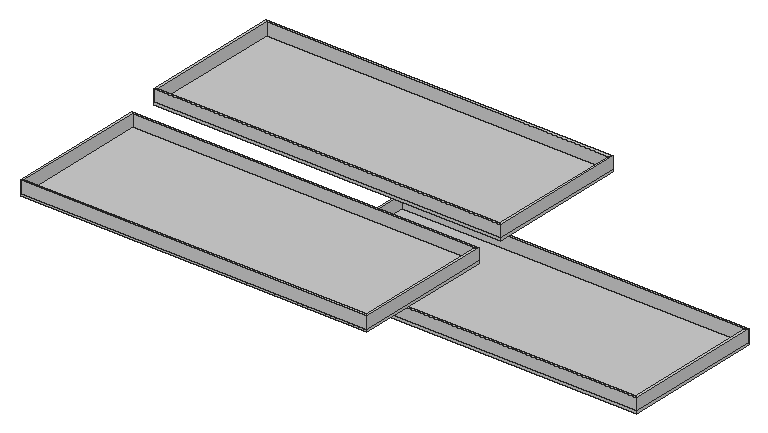
Revit family "CLD-FRM-001", category Modelos genéricos, Revit 2022
Family settings
  Puede alojar armadura = No
  Cota de conector redondo = Diámetro de uso
  Tipo de pieza = Normal
  Se basa en plano de trabajo = No
  Siempre vertical = Sí
  Corte con vacíos al cargar = No
  Mantener orientación de anotación = No
  Compartido = No
  Punto de cálculo de habitación = No
Parameters
  Elevación por defecto = 0.00"
Reference planes (in)
  plane 1 "Centro (Frontal/Posterior)": y = 0
  plane 2: z = 0
  plane 3 "Centro (Izquierda/Derecha)": x = 0
Forms (in)
  Extrusion 1, solid, not visible
    sketch origin (0, 0, 0) x (1, 0, 0) y (0, 1, 0)
      loop
        line (0, 2.25) -> (0, 0) -> (108, 0) -> (108, 2.25) -> (0, 2.25)
    from 0 to 8
  Extrusion 2, solid, not visible
    sketch origin (0, 0, 0) x (1, 0, 0) y (0, 1, 0)
      loop
        line (0, 2.25) -> (0, 0) -> (108, 0) -> (108, 2.25) -> (0, 2.25)
    from 0 to 8
  Extrusion 3, solid, not visible
    sketch origin (0, 8, 0) x (1, 0, 0) y (0, 1, 0)
      loop
        line (0, 2.25) -> (0, 0) -> (108, 0) -> (108, 2.25) -> (0, 2.25)
    from 0 to 8
  Extrusion 4, solid, not visible
    sketch origin (0, 16, 0) x (1, 0, 0) y (0, 1, 0)
      loop
        line (0, 2.25) -> (0, 0) -> (108, 0) -> (108, 2.25) -> (0, 2.25)
    from 0 to 8
  Extrusion 5, solid, not visible
    sketch origin (0, 24, 0) x (1, 0, 0) y (0, 1, 0)
      loop
        line (0, 2.25) -> (0, 0) -> (108, 0) -> (108, 2.25) -> (0, 2.25)
    from 0 to 8
  Extrusion 6, solid, not visible
    sketch origin (0, 32, 0) x (1, 0, 0) y (0, 1, 0)
      loop
        line (0, 2.25) -> (0, 0) -> (108, 0) -> (108, 2.25) -> (0, 2.25)
    from 0 to 8
  Extrusion 7, solid, not visible
    sketch origin (0, 40, 0) x (1, 0, 0) y (0, 1, 0)
      loop
        line (0, 2.25) -> (0, 0) -> (108, 0) -> (108, 2.25) -> (0, 2.25)
    from 0 to 8
  Extrusion 8, solid, not visible
    sketch origin (0, 48, 0) x (1, 0, 0) y (0, 1, 0)
      loop
        line (0, 2.25) -> (0, 0) -> (108, 0) -> (108, 2.25) -> (0, 2.25)
    from 0 to 8
  Extrusion 9, solid, not visible
    sketch origin (0, 56, 0) x (1, 0, 0) y (0, 1, 0)
      loop
        line (0, 2.25) -> (0, 0) -> (108, 0) -> (108, 2.25) -> (0, 2.25)
    from 0 to 8
  Extrusion 10, solid, not visible
    sketch origin (0, 64, 0) x (1, 0, 0) y (0, 1, 0)
      loop
        line (0, 2.25) -> (0, 0) -> (108, 0) -> (108, 2.25) -> (0, 2.25)
    from 0 to 8
  Extrusion 11, solid, not visible
    sketch origin (0, 72, 0) x (1, 0, 0) y (0, 1, 0)
      loop
        line (0, 2.25) -> (0, 0) -> (108, 0) -> (108, 2.25) -> (0, 2.25)
    from 0 to 8
  Extrusion 12, solid, not visible
    sketch origin (0, 80, 0) x (1, 0, 0) y (0, 1, 0)
      loop
        line (0, 2.25) -> (0, 0) -> (108, 0) -> (108, 2.25) -> (0, 2.25)
    from 0 to 8
  Extrusion 13, solid, not visible
    sketch origin (0, 88, 0) x (1, 0, 0) y (0, 1, 0)
      loop
        line (0, 2.25) -> (0, 0) -> (108, 0) -> (108, 2.25) -> (0, 2.25)
    from 0 to 8
  Extrusion 14, solid, not visible
    sketch origin (0, 96, 0) x (1, 0, 0) y (0, 1, 0)
      loop
        line (0, 2.25) -> (0, 0) -> (108, 0) -> (108, 2.25) -> (0, 2.25)
    from 0 to 8
  Extrusion 15, solid, not visible
    sketch origin (0, 104, 0) x (1, 0, 0) y (0, 1, 0)
      loop
        line (0, 2.25) -> (0, 0) -> (108, 0) -> (108, 2.25) -> (0, 2.25)
    from 0 to 8
  Extrusion 16, solid, not visible
    sketch origin (0, 112, 0) x (1, 0, 0) y (0, 1, 0)
      loop
        line (0, 2.25) -> (0, 0) -> (108, 0) -> (108, 2.25) -> (0, 2.25)
    from 0 to 8
  Extrusion 17, solid, not visible
    sketch origin (0, 120, 0) x (1, 0, 0) y (0, 1, 0)
      loop
        line (0, 2.25) -> (0, 0) -> (108, 0) -> (108, 2.25) -> (0, 2.25)
    from 0 to 8
  Extrusion 18, solid, not visible
    sketch origin (0, 128, 0) x (1, 0, 0) y (0, 1, 0)
      loop
        line (0, 2.25) -> (0, 0) -> (108, 0) -> (108, 2.25) -> (0, 2.25)
    from 0 to 8
  Extrusion 19, solid, not visible
    sketch origin (0, 136, 0) x (1, 0, 0) y (0, 1, 0)
      loop
        line (0, 2.25) -> (0, 0) -> (108, 0) -> (108, 2.25) -> (0, 2.25)
    from 0 to 8
  Extrusion 20, solid, not visible
    sketch origin (0, 144, 0) x (1, 0, 0) y (0, 1, 0)
      loop
        line (0, 2.25) -> (0, 0) -> (108, 0) -> (108, 2.25) -> (0, 2.25)
    from 0 to 8
  Extrusion 21, solid, not visible
    sketch origin (0, 152, 0) x (1, 0, 0) y (0, 1, 0)
      loop
        line (0, 2.25) -> (0, 0) -> (108, 0) -> (108, 2.25) -> (0, 2.25)
    from 0 to 8
  Extrusion 22, solid, not visible
    sketch origin (109, 0, 0) x (1, 0, 0) y (0, 1, 0)
      loop
        line (0, 2.25) -> (0, 0) -> (108, 0) -> (108, 2.25) -> (0, 2.25)
    from 0 to 8
  Extrusion 23, solid, not visible
    sketch origin (109, 8, 0) x (1, 0, 0) y (0, 1, 0)
      loop
        line (0, 2.25) -> (0, 0) -> (108, 0) -> (108, 2.25) -> (0, 2.25)
    from 0 to 8
  Extrusion 24, solid, not visible
    sketch origin (109, 16, 0) x (1, 0, 0) y (0, 1, 0)
      loop
        line (0, 2.25) -> (0, 0) -> (108, 0) -> (108, 2.25) -> (0, 2.25)
    from 0 to 8
  Extrusion 25, solid, not visible
    sketch origin (109, 24, 0) x (1, 0, 0) y (0, 1, 0)
      loop
        line (0, 2.25) -> (0, 0) -> (108, 0) -> (108, 2.25) -> (0, 2.25)
    from 0 to 8
  Extrusion 26, solid, not visible
    sketch origin (109, 32, 0) x (1, 0, 0) y (0, 1, 0)
      loop
        line (0, 2.25) -> (0, 0) -> (108, 0) -> (108, 2.25) -> (0, 2.25)
    from 0 to 8
  Extrusion 27, solid, not visible
    sketch origin (109, 40, 0) x (1, 0, 0) y (0, 1, 0)
      loop
        line (0, 2.25) -> (0, 0) -> (108, 0) -> (108, 2.25) -> (0, 2.25)
    from 0 to 8
  Extrusion 28, solid, not visible
    sketch origin (109, 48, 0) x (1, 0, 0) y (0, 1, 0)
      loop
        line (0, 2.25) -> (0, 0) -> (108, 0) -> (108, 2.25) -> (0, 2.25)
    from 0 to 8
  Extrusion 29, solid, not visible
    sketch origin (109, 56, 0) x (1, 0, 0) y (0, 1, 0)
      loop
        line (0, 2.25) -> (0, 0) -> (108, 0) -> (108, 2.25) -> (0, 2.25)
    from 0 to 8
  Extrusion 30, solid, not visible
    sketch origin (109, 64, 0) x (1, 0, 0) y (0, 1, 0)
      loop
        line (0, 2.25) -> (0, 0) -> (108, 0) -> (108, 2.25) -> (0, 2.25)
    from 0 to 8
  Extrusion 31, solid, not visible
    sketch origin (109, 72, 0) x (1, 0, 0) y (0, 1, 0)
      loop
        line (0, 2.25) -> (0, 0) -> (108, 0) -> (108, 2.25) -> (0, 2.25)
    from 0 to 8
  Extrusion 32, solid, not visible
    sketch origin (109, 80, 0) x (1, 0, 0) y (0, 1, 0)
      loop
        line (0, 2.25) -> (0, 0) -> (108, 0) -> (108, 2.25) -> (0, 2.25)
    from 0 to 8
  Extrusion 33, solid, not visible
    sketch origin (109, 88, 0) x (1, 0, 0) y (0, 1, 0)
      loop
        line (0, 2.25) -> (0, 0) -> (108, 0) -> (108, 2.25) -> (0, 2.25)
    from 0 to 8
  Extrusion 34, solid, not visible
    sketch origin (109, 96, 0) x (1, 0, 0) y (0, 1, 0)
      loop
        line (0, 2.25) -> (0, 0) -> (108, 0) -> (108, 2.25) -> (0, 2.25)
    from 0 to 8
  Extrusion 35, solid, not visible
    sketch origin (109, 104, 0) x (1, 0, 0) y (0, 1, 0)
      loop
        line (0, 2.25) -> (0, 0) -> (108, 0) -> (108, 2.25) -> (0, 2.25)
    from 0 to 8
  Extrusion 36, solid, not visible
    sketch origin (109, 112, 0) x (1, 0, 0) y (0, 1, 0)
      loop
        line (0, 2.25) -> (0, 0) -> (108, 0) -> (108, 2.25) -> (0, 2.25)
    from 0 to 8
  Extrusion 37, solid, not visible
    sketch origin (109, 120, 0) x (1, 0, 0) y (0, 1, 0)
      loop
        line (0, 2.25) -> (0, 0) -> (108, 0) -> (108, 2.25) -> (0, 2.25)
    from 0 to 8
  Extrusion 38, solid, not visible
    sketch origin (109, 128, 0) x (1, 0, 0) y (0, 1, 0)
      loop
        line (0, 2.25) -> (0, 0) -> (108, 0) -> (108, 2.25) -> (0, 2.25)
    from 0 to 8
  Extrusion 39, solid, not visible
    sketch origin (109, 136, 0) x (1, 0, 0) y (0, 1, 0)
      loop
        line (0, 2.25) -> (0, 0) -> (108, 0) -> (108, 2.25) -> (0, 2.25)
    from 0 to 8
  Extrusion 40, solid, not visible
    sketch origin (109, 144, 0) x (1, 0, 0) y (0, 1, 0)
      loop
        line (0, 2.25) -> (0, 0) -> (108, 0) -> (108, 2.25) -> (0, 2.25)
    from 0 to 8
  Extrusion 41, solid, not visible
    sketch origin (109, 152, 0) x (1, 0, 0) y (0, 1, 0)
      loop
        line (0, 2.25) -> (0, 0) -> (108, 0) -> (108, 2.25) -> (0, 2.25)
    from 0 to 8
  Extrusion 42, solid, not visible
    sketch origin (-108, 0, 0) x (1, 0, 0) y (0, 1, 0)
      loop
        line (0, 2.25) -> (0, 0) -> (108, 0) -> (108, 2.25) -> (0, 2.25)
    from 0 to 8
  Extrusion 43, solid, not visible
    sketch origin (-108, 8, 0) x (1, 0, 0) y (0, 1, 0)
      loop
        line (0, 2.25) -> (0, 0) -> (108, 0) -> (108, 2.25) -> (0, 2.25)
    from 0 to 8
  Extrusion 44, solid, not visible
    sketch origin (-108, 16, 0) x (1, 0, 0) y (0, 1, 0)
      loop
        line (0, 2.25) -> (0, 0) -> (108, 0) -> (108, 2.25) -> (0, 2.25)
    from 0 to 8
  Extrusion 45, solid, not visible
    sketch origin (-108, 24, 0) x (1, 0, 0) y (0, 1, 0)
      loop
        line (0, 2.25) -> (0, 0) -> (108, 0) -> (108, 2.25) -> (0, 2.25)
    from 0 to 8
  Extrusion 46, solid, not visible
    sketch origin (-108, 32, 0) x (1, 0, 0) y (0, 1, 0)
      loop
        line (0, 2.25) -> (0, 0) -> (108, 0) -> (108, 2.25) -> (0, 2.25)
    from 0 to 8
  Extrusion 47, solid, not visible
    sketch origin (-108, 40, 0) x (1, 0, 0) y (0, 1, 0)
      loop
        line (0, 2.25) -> (0, 0) -> (108, 0) -> (108, 2.25) -> (0, 2.25)
    from 0 to 8
  Extrusion 48, solid, not visible
    sketch origin (1, 0, 0) x (1, 0, 0) y (0, 1, 0)
      loop
        line (0, 2.25) -> (0, 0) -> (108, 0) -> (108, 2.25) -> (0, 2.25)
    from 0 to 8
  Extrusion 49, solid, not visible
    sketch origin (1, 8, 0) x (1, 0, 0) y (0, 1, 0)
      loop
        line (0, 2.25) -> (0, 0) -> (108, 0) -> (108, 2.25) -> (0, 2.25)
    from 0 to 8
  Extrusion 50, solid, not visible
    sketch origin (1, 16, 0) x (1, 0, 0) y (0, 1, 0)
      loop
        line (0, 2.25) -> (0, 0) -> (108, 0) -> (108, 2.25) -> (0, 2.25)
    from 0 to 8
  Extrusion 51, solid, not visible
    sketch origin (1, 24, 0) x (1, 0, 0) y (0, 1, 0)
      loop
        line (0, 2.25) -> (0, 0) -> (108, 0) -> (108, 2.25) -> (0, 2.25)
    from 0 to 8
  Extrusion 52, solid, not visible
    sketch origin (1, 32, 0) x (1, 0, 0) y (0, 1, 0)
      loop
        line (0, 2.25) -> (0, 0) -> (108, 0) -> (108, 2.25) -> (0, 2.25)
    from 0 to 8
  Extrusion 53, solid, not visible
    sketch origin (1, 40, 0) x (1, 0, 0) y (0, 1, 0)
      loop
        line (0, 2.25) -> (0, 0) -> (108, 0) -> (108, 2.25) -> (0, 2.25)
    from 0 to 8
  Extrusion 54, solid, not visible
    sketch origin (-108, 48, 0) x (1, 0, 0) y (0, 1, 0)
      loop
        line (0, 2.25) -> (0, 0) -> (108, 0) -> (108, 2.25) -> (0, 2.25)
    from 0 to 8
  Extrusion 55, solid, not visible
    sketch origin (-108, 56, 0) x (1, 0, 0) y (0, 1, 0)
      loop
        line (0, 2.25) -> (0, 0) -> (108, 0) -> (108, 2.25) -> (0, 2.25)
    from 0 to 8
  Extrusion 56, solid, not visible
    sketch origin (-108, 64, 0) x (1, 0, 0) y (0, 1, 0)
      loop
        line (0, 2.25) -> (0, 0) -> (108, 0) -> (108, 2.25) -> (0, 2.25)
    from 0 to 8
  Extrusion 57, solid, not visible
    sketch origin (-108, 72, 0) x (1, 0, 0) y (0, 1, 0)
      loop
        line (0, 2.25) -> (0, 0) -> (108, 0) -> (108, 2.25) -> (0, 2.25)
    from 0 to 8
  Extrusion 58, solid, not visible
    sketch origin (-108, 80, 0) x (1, 0, 0) y (0, 1, 0)
      loop
        line (0, 2.25) -> (0, 0) -> (108, 0) -> (108, 2.25) -> (0, 2.25)
    from 0 to 8
  Extrusion 59, solid, not visible
    sketch origin (1, 48, 0) x (1, 0, 0) y (0, 1, 0)
      loop
        line (0, 2.25) -> (0, 0) -> (108, 0) -> (108, 2.25) -> (0, 2.25)
    from 0 to 8
  Extrusion 60, solid, not visible
    sketch origin (1, 56, 0) x (1, 0, 0) y (0, 1, 0)
      loop
        line (0, 2.25) -> (0, 0) -> (108, 0) -> (108, 2.25) -> (0, 2.25)
    from 0 to 8
  Extrusion 61, solid, not visible
    sketch origin (1, 64, 0) x (1, 0, 0) y (0, 1, 0)
      loop
        line (0, 2.25) -> (0, 0) -> (108, 0) -> (108, 2.25) -> (0, 2.25)
    from 0 to 8
  Extrusion 62, solid, not visible
    sketch origin (1, 72, 0) x (1, 0, 0) y (0, 1, 0)
      loop
        line (0, 2.25) -> (0, 0) -> (108, 0) -> (108, 2.25) -> (0, 2.25)
    from 0 to 8
  Extrusion 63, solid, not visible
    sketch origin (1, 80, 0) x (1, 0, 0) y (0, 1, 0)
      loop
        line (0, 2.25) -> (0, 0) -> (108, 0) -> (108, 2.25) -> (0, 2.25)
    from 0 to 8
  Extrusion 64, solid, not visible
    sketch origin (-108, 88, 0) x (1, 0, 0) y (0, 1, 0)
      loop
        line (0, 2.25) -> (0, 0) -> (108, 0) -> (108, 2.25) -> (0, 2.25)
    from 0 to 8
  Extrusion 65, solid, not visible
    sketch origin (-108, 96, 0) x (1, 0, 0) y (0, 1, 0)
      loop
        line (0, 2.25) -> (0, 0) -> (108, 0) -> (108, 2.25) -> (0, 2.25)
    from 0 to 8
  Extrusion 66, solid, not visible
    sketch origin (-108, 104, 0) x (1, 0, 0) y (0, 1, 0)
      loop
        line (0, 2.25) -> (0, 0) -> (108, 0) -> (108, 2.25) -> (0, 2.25)
    from 0 to 8
  Extrusion 67, solid, not visible
    sketch origin (-108, 112, 0) x (1, 0, 0) y (0, 1, 0)
      loop
        line (0, 2.25) -> (0, 0) -> (108, 0) -> (108, 2.25) -> (0, 2.25)
    from 0 to 8
  Extrusion 68, solid, not visible
    sketch origin (-108, 120, 0) x (1, 0, 0) y (0, 1, 0)
      loop
        line (0, 2.25) -> (0, 0) -> (108, 0) -> (108, 2.25) -> (0, 2.25)
    from 0 to 8
  Extrusion 69, solid, not visible
    sketch origin (1, 88, 0) x (1, 0, 0) y (0, 1, 0)
      loop
        line (0, 2.25) -> (0, 0) -> (108, 0) -> (108, 2.25) -> (0, 2.25)
    from 0 to 8
  Extrusion 70, solid, not visible
    sketch origin (1, 96, 0) x (1, 0, 0) y (0, 1, 0)
      loop
        line (0, 2.25) -> (0, 0) -> (108, 0) -> (108, 2.25) -> (0, 2.25)
    from 0 to 8
  Extrusion 71, solid, not visible
    sketch origin (1, 104, 0) x (1, 0, 0) y (0, 1, 0)
      loop
        line (0, 2.25) -> (0, 0) -> (108, 0) -> (108, 2.25) -> (0, 2.25)
    from 0 to 8
  Extrusion 72, solid, not visible
    sketch origin (1, 112, 0) x (1, 0, 0) y (0, 1, 0)
      loop
        line (0, 2.25) -> (0, 0) -> (108, 0) -> (108, 2.25) -> (0, 2.25)
    from 0 to 8
  Extrusion 73, solid, not visible
    sketch origin (1, 120, 0) x (1, 0, 0) y (0, 1, 0)
      loop
        line (0, 2.25) -> (0, 0) -> (108, 0) -> (108, 2.25) -> (0, 2.25)
    from 0 to 8
  Extrusion 74, solid, not visible
    sketch origin (-108, 128, 0) x (1, 0, 0) y (0, 1, 0)
      loop
        line (0, 2.25) -> (0, 0) -> (108, 0) -> (108, 2.25) -> (0, 2.25)
    from 0 to 8
  Extrusion 75, solid, not visible
    sketch origin (-108, 136, 0) x (1, 0, 0) y (0, 1, 0)
      loop
        line (0, 2.25) -> (0, 0) -> (108, 0) -> (108, 2.25) -> (0, 2.25)
    from 0 to 8
  Extrusion 76, solid, not visible
    sketch origin (-108, 144, 0) x (1, 0, 0) y (0, 1, 0)
      loop
        line (0, 2.25) -> (0, 0) -> (108, 0) -> (108, 2.25) -> (0, 2.25)
    from 0 to 8
  Extrusion 77, solid, not visible
    sketch origin (-108, 152, 0) x (1, 0, 0) y (0, 1, 0)
      loop
        line (0, 2.25) -> (0, 0) -> (108, 0) -> (108, 2.25) -> (0, 2.25)
    from 0 to 8
  Extrusion 78, solid, not visible
    sketch origin (-108, 160, 0) x (1, 0, 0) y (0, 1, 0)
      loop
        line (0, 2.25) -> (0, 0) -> (108, 0) -> (108, 2.25) -> (0, 2.25)
    from 0 to 8
  Extrusion 79, solid, not visible
    sketch origin (1, 128, 0) x (1, 0, 0) y (0, 1, 0)
      loop
        line (0, 2.25) -> (0, 0) -> (108, 0) -> (108, 2.25) -> (0, 2.25)
    from 0 to 8
  Extrusion 80, solid, not visible
    sketch origin (1, 136, 0) x (1, 0, 0) y (0, 1, 0)
      loop
        line (0, 2.25) -> (0, 0) -> (108, 0) -> (108, 2.25) -> (0, 2.25)
    from 0 to 8
  Extrusion 81, solid, not visible
    sketch origin (1, 144, 0) x (1, 0, 0) y (0, 1, 0)
      loop
        line (0, 2.25) -> (0, 0) -> (108, 0) -> (108, 2.25) -> (0, 2.25)
    from 0 to 8
  Extrusion 82, solid, not visible
    sketch origin (1, 152, 0) x (1, 0, 0) y (0, 1, 0)
      loop
        line (0, 2.25) -> (0, 0) -> (108, 0) -> (108, 2.25) -> (0, 2.25)
    from 0 to 8
  Extrusion 83, solid, not visible
    sketch origin (1, 160, 0) x (1, 0, 0) y (0, 1, 0)
      loop
        line (0, 2.25) -> (0, 0) -> (108, 0) -> (108, 2.25) -> (0, 2.25)
    from 0 to 8
  Extrusion 84, solid, not visible
    sketch origin (0, 0, 0) x (1, 0, 0) y (0, 1, 0)
      loop
        line (0, 3) -> (0, 0) -> (108, 0) -> (108, 3) -> (0, 3)
    from 0 to 8
  Extrusion 85, void, not visible
    sketch origin (0, 0, 0) x (1, 0, 0) y (0, 1, 0)
      loop
        line (6, 2) -> (6, 1) -> (66, 1) -> (66, 2) -> (6, 2)
    from 0 to 1.03
  Extrusion 86, solid, not visible
    sketch origin (0, 0, 0) x (1, 0, 0) y (0, 1, 0)
      loop
        line (0, 3) -> (0, 0) -> (108, 0) -> (108, 3) -> (0, 3)
    from 0 to 8
  Extrusion 87, void, not visible
    sketch origin (0, 0, 0) x (1, 0, 0) y (0, 1, 0)
      loop
        line (6, 2) -> (6, 1) -> (66, 1) -> (66, 2) -> (6, 2)
    from 0 to 1.03
  Extrusion 88, solid, not visible
    sketch origin (0, 0, 0) x (1, 0, 0) y (0, 1, 0)
      loop
        line (6, 2) -> (6, 1) -> (66, 1) -> (66, 2) -> (6, 2)
    from 0 to 1.03
  Extrusion 89, solid, not visible
    sketch origin (0, 32, 0) x (1, 0, 0) y (0, 1, 0)
      loop
        line (0, 3) -> (0, 0) -> (108, 0) -> (108, 3) -> (0, 3)
    from 0 to 8
  Extrusion 90, void, not visible
    sketch origin (0, 32, 0) x (1, 0, 0) y (0, 1, 0)
      loop
        line (6, 2) -> (6, 1) -> (102, 1) -> (102, 2) -> (6, 2)
    from 0 to 1.03
  Extrusion 91, solid
    sketch origin (0, 0, 0) x (1, 0, 0) y (0, 1, 0)
      loop
        line (-8.95842, 97.76491) -> (-8.95842, 58.26491) -> (89.04158, 58.26491) -> (89.04158, 97.76491) -> (-8.95842, 97.76491)
    from 9.23719 to 9.82774
  Extrusion 92, solid
    sketch origin (0, 0, 0) x (1, 0, 0) y (0, 1, 0)
      loop
        line (-8.95842, 97.76491) -> (-8.36786, 97.17436) -> (88.45103, 97.17436) -> (89.04158, 97.76491) -> (-8.95842, 97.76491)
    from 9.82774 to 13.23719
  Extrusion 93, solid
    sketch origin (0, -38.90945, 0) x (1, 0, 0) y (0, 1, 0)
      loop
        line (-8.36786, 97.76491) -> (-8.95842, 97.17436) -> (89.04158, 97.17436) -> (88.45103, 97.76491) -> (-8.36786, 97.76491)
    from 9.82774 to 13.23719
  Extrusion 94, solid
    sketch origin (-8.72333, 116.60177, 0) x (0, -1, 0) y (1, 0, 0)
      loop
        line (18.83686, 97.76491) -> (19.42741, 97.17436) -> (57.74631, 97.17436) -> (58.33686, 97.76491) -> (18.83686, 97.76491)
    from 9.82774 to 13.23719
  Extrusion 95, solid
    sketch origin (-106.13278, 116.60177, 0) x (0, -1, 0) y (1, 0, 0)
      loop
        line (19.42741, 97.76491) -> (18.83686, 97.17436) -> (58.33686, 97.17436) -> (57.74631, 97.76491) -> (19.42741, 97.76491)
    from 9.82774 to 13.23719
  Extrusion 96, solid
    sketch origin (8.84059, -58.38302, 0) x (1, 0, 0) y (0, 1, 0)
      loop
        line (-8.95842, 97.76491) -> (-8.95842, 58.26491) -> (89.04158, 58.26491) -> (89.04158, 97.76491) -> (-8.95842, 97.76491)
    from 14.7871 to 15.37765
  Extrusion 97, solid
    sketch origin (8.84059, -58.38302, 0) x (1, 0, 0) y (0, 1, 0)
      loop
        line (-8.95842, 97.76491) -> (-8.36786, 97.17436) -> (88.45103, 97.17436) -> (89.04158, 97.76491) -> (-8.95842, 97.76491)
    from 15.37765 to 18.7871
  Extrusion 98, solid
    sketch origin (8.84059, -97.29247, 0) x (1, 0, 0) y (0, 1, 0)
      loop
        line (-8.36786, 97.76491) -> (-8.95842, 97.17436) -> (89.04158, 97.17436) -> (88.45103, 97.76491) -> (-8.36786, 97.76491)
    from 15.37765 to 18.7871
  Extrusion 99, solid
    sketch origin (0.11726, 58.21875, 0) x (0, -1, 0) y (1, 0, 0)
      loop
        line (18.83686, 97.76491) -> (19.42741, 97.17436) -> (57.74631, 97.17436) -> (58.33686, 97.76491) -> (18.83686, 97.76491)
    from 15.37765 to 18.7871
  Extrusion 100, solid
    sketch origin (-97.29219, 58.21875, 0) x (0, -1, 0) y (1, 0, 0)
      loop
        line (19.42741, 97.76491) -> (18.83686, 97.17436) -> (58.33686, 97.17436) -> (57.74631, 97.76491) -> (19.42741, 97.76491)
    from 15.37765 to 18.7871
  Extrusion 101, solid
    sketch origin (61.88413, -29.28574, 0) x (1, 0, 0) y (0, 1, 0)
      loop
        line (-8.95842, 97.76491) -> (-8.95842, 58.26491) -> (89.04158, 58.26491) -> (89.04158, 97.76491) -> (-8.95842, 97.76491)
    from 0 to 0.59055
  Extrusion 102, solid
    sketch origin (61.88413, -29.28574, 0) x (1, 0, 0) y (0, 1, 0)
      loop
        line (-8.95842, 97.76491) -> (-8.36786, 97.17436) -> (88.45103, 97.17436) -> (89.04158, 97.76491) -> (-8.95842, 97.76491)
    from 0.59055 to 4
  Extrusion 103, solid
    sketch origin (61.88413, -68.19519, 0) x (1, 0, 0) y (0, 1, 0)
      loop
        line (-8.36786, 97.76491) -> (-8.95842, 97.17436) -> (89.04158, 97.17436) -> (88.45103, 97.76491) -> (-8.36786, 97.76491)
    from 0.59055 to 4
  Extrusion 104, solid
    sketch origin (53.1608, 87.31603, 0) x (0, -1, 0) y (1, 0, 0)
      loop
        line (18.83686, 97.76491) -> (19.42741, 97.17436) -> (57.74631, 97.17436) -> (58.33686, 97.76491) -> (18.83686, 97.76491)
    from 0.59055 to 4
  Extrusion 105, solid
    sketch origin (-44.24865, 87.31603, 0) x (0, -1, 0) y (1, 0, 0)
      loop
        line (19.42741, 97.76491) -> (18.83686, 97.17436) -> (58.33686, 97.17436) -> (57.74631, 97.76491) -> (19.42741, 97.76491)
    from 0.59055 to 4
Dimensions and locks (in)
  Extrusion 93 to Extrusion 92 = 39.50"
  Extrusion 95 to Extrusion 94 = 98.00"
  Extrusion 98 to Extrusion 96 = 4.00"
  aligned and locked: level to plane 2
